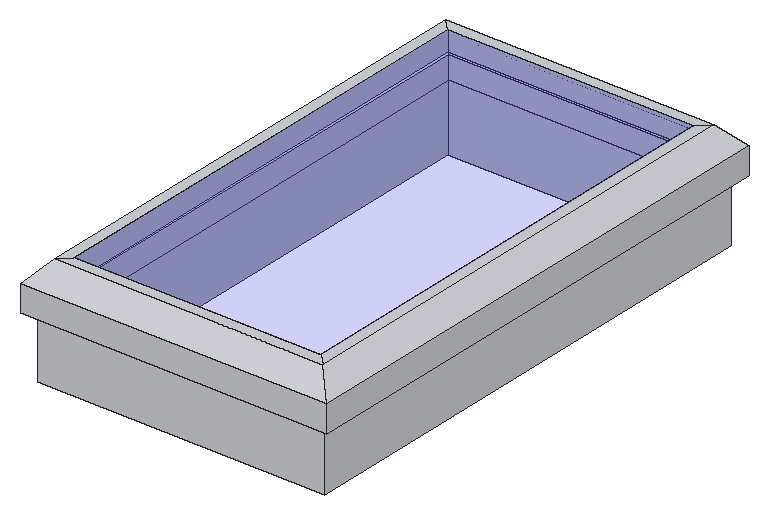
Revit family "WSL_A3-Skylight-Operable", category Windows, host Roof, Revit 2016
Family settings
  Host = Roof
  Always vertical = No
  Cut with Voids When Loaded = No
  Shared = No
  Room Calculation Point = No
Parameters (values of type "21 1/2" x 38" Skylight")
  Height = 965.2 mm
  Type Comments = ""
  Width = 546.1 mm
Types (6, lengths in mm): name | Height | Width
  (no name) | 965.2 | 546.1
  28" x 38" Skylight | 965.2 | 711.2
  21 1/2" x 38" Skylight | 965.2 | 546.1
  21 1/2" x 27" Skylight | 685.8 | 546.1
  44" x 46" Skylight | 1168.4 | 1117.6
  28" x 46"  Skylight | 1168.4 | 711.2
Reference planes
  plane 1 "Roof": z = 3657.6
  plane 2 "Right": x = 279.84
  plane 3 "Left": x = -266.26
  plane 4: y = 395.504
  plane 5: y = -569.696
  plane 6 "Face": z = 3810
  plane 7 "Center L/R": x = 6.79
  plane 8 "Center F/B": y = -87.096
Forms (mm)
  Sweep 1, solid
    path origin (0, 0, 3810) x (-1, 0, 0) y (0, -1, 0)
      loop
        line (266.26, 569.696) -> (-279.84, 569.696) -> (-279.84, -395.504) -> (266.26, -395.504) -> (266.26, 569.696)
    profile origin (6.79, 0, 3810) x (0, 1, 0) y (0, 0, 1)
      loop
        line (-525.246, 0) -> (-525.246, 127) -> (-569.696, 127) -> (-569.696, 0) -> (-525.246, 0)
  Sweep 2, solid
    path origin (0, 0, 3810) x (-1, 0, 0) y (0, -1, 0)
      loop
        line (266.26, -395.504) -> (266.26, 569.696) -> (-279.84, 569.696) -> (-279.84, -395.504) -> (266.26, -395.504)
    profile origin (6.79, 0, 3810) x (0, 1, 0) y (0, 0, 1)
      loop
        line (357.404, 169.863) -> (395.504, 169.863) -> (408.204, 169.863) -> (408.204, 119.063) -> (414.554, 119.063) -> (414.554, 169.863) -> (377.724, 207.963) -> (357.404, 207.963) -> (357.404, 169.863)
  Extrusion 3, solid
    sketch origin (-228.16, -531.596, 4017.963) x (0, 1, 0) y (-1, 0, 0)
      loop
        line (0, 0) -> (0, -469.9) -> (889, -469.9) -> (889, 0) -> (0, 0)
    from 0 to -6.35
  Sweep 4, solid
    path origin (0, 0, 3810) x (-1, 0, 0) y (0, -1, 0)
      loop
        line (266.26, -395.504) -> (266.26, 569.696) -> (-279.84, 569.696) -> (-279.84, -395.504) -> (266.26, -395.504)
    profile origin (6.79, 0, 3810) x (0, 1, 0) y (0, 0, 1)
      loop
        line (401.854, 133.35) -> (401.854, 169.863) -> (351.054, 169.863) -> (351.054, 127) -> (376.454, 127) -> (376.454, 133.35) -> (401.854, 133.35)
Lines and regions (mm)
  Opening 1
    outline origin (0, 0, 3810) x (0, 1, 0) y (-1, 0, 0)
      loop
        line (370.104, 240.86) -> (-544.296, 240.86) -> (-544.296, -254.44) -> (370.104, -254.44) -> (370.104, 240.86)
  symbolic lines, style "WindowsFrameMullionProjection"
    curve 1: line (-266.26, 395.504, 3810) -> (279.84, 395.504, 3810)
    curve 2: line (-266.26, -569.696, 3810) -> (-266.26, 395.504, 3810)
    curve 3: line (279.84, -569.696, 3810) -> (-266.26, -569.696, 3810)
    curve 4: line (279.84, 395.504, 3810) -> (279.84, -569.696, 3810)
    curve 5: line (-240.86, 370.104, 3810) -> (254.44, 370.104, 3810)
    curve 6: line (-240.86, -544.296, 3810) -> (-240.86, 370.104, 3810)
    curve 7: line (254.44, -544.296, 3810) -> (-240.86, -544.296, 3810)
    curve 8: line (254.44, 370.104, 3810) -> (254.44, -544.296, 3810)
  symbolic lines, style "Elevation Swing"
    curve 9: line (6.79, 357.404, 4017.963) -> (-228.16, -531.596, 4017.963)
    curve 10: line (6.79, 357.404, 4017.963) -> (241.74, -531.596, 4017.963)
Dimensions and locks
  host sketch curve to host sketch curve = 3048 mm  (x2)
  "Width": plane 3 "Left" to plane 2 "Right"
  "Height": plane 5 to plane 4
  equal spacing: plane 3 "Left", plane 7 "Center L/R", plane 2 "Right"
  equal spacing: plane 5, plane 8 "Center F/B", plane 4
  aligned and locked: level to plane 1 "Roof"
  aligned and locked: plane 6 "Face" to host roof
Automatic sketch dimensions
  Opening 1 sketch curve to plane 3 "Left" = 25.4 mm
  plane 5 to Opening 1 sketch curve = 25.4 mm
  plane 4 to Opening 1 sketch curve = 25.4 mm
  plane 2 "Right" to Opening 1 sketch curve = 25.4 mm
  Sweep 1 sketch curve to plane 2 "Right" = 0 mm
  Sweep 1 sketch curve to plane 3 "Left" = 0 mm
  Sweep 1 sketch curve to plane 4 = 0 mm
  Sweep 1 sketch curve to plane 5 = 0 mm
  Sweep 2 sketch curve to plane 2 "Right" = 0 mm
  Sweep 2 sketch curve to plane 3 "Left" = 0 mm
  Sweep 2 sketch curve to plane 4 = 0 mm
  Sweep 2 sketch curve to plane 5 = 0 mm
  Sweep 1 sketch curve to plane 6 "Face" = 0 mm
  Sweep 1 sketch curve to profile plane = 0 mm
  Sweep 1 sketch curve to Sweep 1 sketch curve = 44.45 mm
  Sweep 1 sketch curve to Sweep 1 sketch curve = 127 mm
  Sweep 4 sketch curve to plane 2 "Right" = 0 mm
  Sweep 4 sketch curve to plane 3 "Left" = 0 mm
  Sweep 4 sketch curve to plane 4 = 0 mm
  Sweep 4 sketch curve to plane 5 = 0 mm
  Sweep 2 sketch curve to profile plane = 0 mm
  profile plane to Sweep 2 sketch curve = 17.78 mm
  Sweep 2 sketch curve to Sweep 2 sketch curve = 20.32 mm
  Sweep 2 sketch curve to profile plane = 12.7 mm
  Sweep 2 sketch curve to Sweep 2 sketch curve = 6.35 mm
  Sweep 2 sketch curve to plane 6 "Face" = 119.063 mm
  Sweep 2 sketch curve to Sweep 2 sketch curve = 50.8 mm
  Sweep 2 sketch curve to Sweep 2 sketch curve = 0 mm
  Sweep 2 sketch curve to Sweep 2 sketch curve = 38.1 mm
  profile plane to Sweep 4 sketch curve = 44.45 mm
  profile plane to Sweep 4 sketch curve = 19.05 mm
  Sweep 4 sketch curve to profile plane = 6.35 mm
  Sweep 4 sketch curve to plane 6 "Face" = 127 mm
  Sweep 4 sketch curve to Sweep 4 sketch curve = 6.35 mm
  Sweep 4 sketch curve to Sweep 4 sketch curve = 36.513 mm
  plane 2 "Right" to Extrusion 3 sketch curve = 38.1 mm
  plane 5 to Extrusion 3 sketch curve = 38.1 mm
  plane 4 to Extrusion 3 sketch curve = 38.1 mm
  Extrusion 3 sketch curve to plane 3 "Left" = 38.1 mm
  curve 1 to plane 3 "Left" = 0 mm
  curve 9 to plane 7 "Center L/R" = 0 mm
  curve 1 to plane 2 "Right" = 0 mm
  curve 4 to plane 5 = 0 mm
  curve 1 to plane 4 = 0 mm
  curve 6 to plane 3 "Left" = 25.4 mm
  curve 6 to curve 9 = 12.7 mm  (x2)
  plane 2 "Right" to curve 10 = 38.1 mm
  plane 2 "Right" to curve 5 = 25.4 mm
  plane 5 to curve 6 = 25.4 mm
  curve 7 to curve 10 = 12.7 mm
  plane 4 to curve 10 = 38.1 mm
  plane 4 to curve 5 = 25.4 mm
